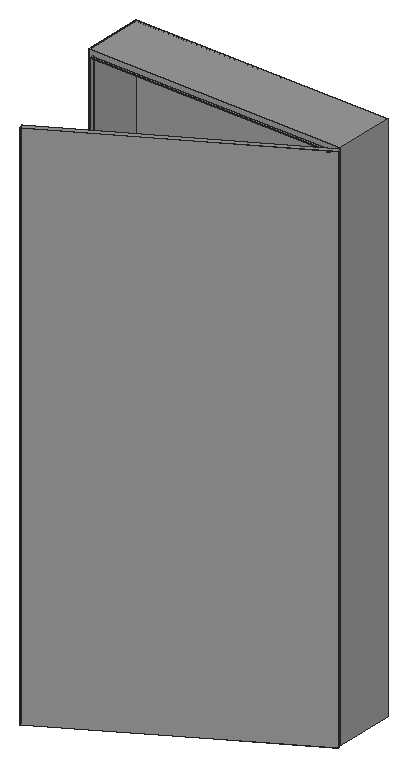
Revit family "Hager-Univers-IP54-D205-H1700-Cl.II-Encl-NoHosted-DE-de", category Equipement électrique, Revit 2020
Family settings
  Configuration du panneau = Deux colonnes, circuits au sein
  Cote de connecteur circulaire = Utiliser le diamètre
  Type d'élément = Tableau de raccordement
  Basée sur le plan de construction = Oui
  Toujours verticalement = Oui
  Couper avec des vides une fois chargée = Non
  Partagée = Non
  Point de calcul de pièce = Non
Parameters (values of type "Aufputz IP54 B800 H1700 T205  - FP13SW2")
  Width Control [instance] = if([EF000008 - Breite] > Min Width, [EF000008 - Breite], Min Width)  # 800 mm
  Commentaires du type = [HG000003 - Bereich]  # "Univers"
  Thickness Door [instance] = if([EF009171 - Materialstärke Tür/Deckel] > 3 mm, 3 mm, [EF009171 - Materialstärke Tür/Deckel])  # 1 mm
  Seal Frame Offset [instance] = 17 mm  # constant formula
  Plinth Visibility [instance] = [HG000027 - Sockelhöhe] > 0 mm  # no
  Min Width [instance] = 100 mm  # constant formula
  Min Depth [instance] = (2 * [EF009170 - Materialstärke Gehäuse]) + 1 mm  # 3 mm
  Min Height [instance] = 100 mm  # constant formula
  Internal Frame Depth [instance] = (Door System Depth * 0.5)  # 9 mm
  Panel Name [instance] = ""  # (empty or 0)
  Model = ""
  HG000027 - Sockelhöhe = 0 mm
  HG000026 - Stehend auf dem Boden = no
  HG000024 - Höhe des unteren Teils = 600 mm
  HG000023 - Gehäuse mit doppeltem Querschnitt = no
  HG000016 - 3D-Türsichtbarkeit [instance] = yes
  HG000015 - Sichtbarkeit der Türöffnung [instance] = no
  HG000014 - Tür rechts [instance] = yes
  HG000013 - Tür links [instance] = not([HG000014 - Tür rechts])  # no
  HG000012 - Türschwenkwinkel [instance] = 30.00°
  HG000010 - Asymmetrische Türen = no
  HG000009 - Doppelflügeligen Tür = no
  HG000006 - Unterputz = no
  HG000004 - Herstellerreferenz = "FP13SW2"
  HG000003 - Bereich = "Univers"
  HG000002 - Mit tür = yes
  Frame Offset Bottom [instance] = 10 mm  # constant formula
  Frame Offset [instance] = 15 mm  # constant formula
  EF015940 - Deckel mit Überdruckentlastung = no
  EF011959 - Schutzart (NEMA) = ""
  EF009554 - Anzahl der Öffnungen für Flanschplatten = 6
  EF009212 - Ausführung Deckel = "EV000116 - geschlossen"
  EF009171 - Materialstärke Tür/Deckel = 1 mm
  EF009170 - Materialstärke Gehäuse = 1 mm
  EF008873 - Nennstrom (In) = 400 A
  EF007800 - Geeignet für Blitzschutz = no
  EF006306 - Mit Schloss = no
  EF006244 - Transparenter Deckel/Tür = no
  EF005474 - Schutzart (IP) = "EV006419 - IP54"
  EF004464 - Art der Tür = "EV002646 - Einzel"
  EF004427 - Anzahl der Module = 396
  EF004293 - Schlagfestigkeit = "EV006815 - IK09"
  EF003532 - Geeignet für Außengebrauch = no
  EF002950 - Breite in Teilungseinheiten = 36
  EF001613 - Funktionserhalt = "EV000494 - ohne"
  EF001596 - Werkstoff des Gehäuses = "EV000179 - Stahl"
  EF001131 - Innentiefe = 143 mm
  EF001088 - Anbaumöglichkeit = yes
  EF000437 - Anzahl der Leitungseinführungen = 6
  EF000339 - Art der Abdeckung = "EV001012 - Deckel"
  EF000266 - Anzahl der Reihen = 11
  EF000218 - Einbautiefe = 205 mm
  EF000118 - Mit Montageplatte = no
  EF000116 - RAL-Nummer = "9010"
  EF000049 - Tiefe = 205 mm
  EF000040 - Höhe = 1700 mm
  EF000008 - Breite = 800 mm
  EF000007 - Farbe = "EV000202 - weiß"
  EF000003 - Montageart = "EV000384 - Aufputz"
  Door System Leaf Tolerance [instance] = 1.5 mm  # constant formula
  Door System Depth [instance] = 18 mm  # constant formula
  Door Height [instance] = Height Control - [HG000027 - Sockelhöhe]  # 1700 mm
  Description = ""
  Default Elevation = 1219.2 mm
  Connector Offset [instance] = Height Control / 2  # 850 mm
  Fabricant = "Hager"  # constant formula
  Height Control [instance] = if([EF000040 - Höhe] > Min Height, [EF000040 - Höhe], Min Height)  # 1700 mm
  Depth Control [instance] = if([EF000049 - Tiefe] > Min Depth, [EF000049 - Tiefe], Min Depth)  # 205 mm
  Bottom Top Plate Trim [instance] = 1.5 mm  # constant formula
  Plinth height Ctrl [instance] = if([HG000027 - Sockelhöhe] > 0 mm, [HG000027 - Sockelhöhe], 12 mm)  # 12 mm
Types (5, lengths in mm): name | Width Control | HG000010 - Asymmetrische Türen | HG000009 - Doppelflügeligen Tür | HG000004 - Herstellerreferenz | EF009554 - Anzahl der Öffnungen für Flanschplatten | EF008873 - Nennstrom (In) | EF004464 - Art der Tür | EF004427 - Anzahl der Module | EF002950 - Breite in Teilungseinheiten | EF000437 - Anzahl der Leitungseinführungen | EF000008 - Breite
  Aufputz IP54 B1050 H1700 T205  - FP14SW2 | 1050 | no | yes | "FP14SW2" | 8 | 400 A | "EV003602 - Doppel" | 528 | 48 | 8 | 1050
  Aufputz IP54 B1300 H1700 T205  - FP15SW2 | 1300 | yes | yes | "FP15SW2" | 10 | 400 A | "EV003602 - Doppel" | 660 | 60 | 10 | 1300
  Aufputz IP54 B300 H1700 T205  - FP11SW2 | 300 | no | no | "FP11SW2" | 2 | 250 A | "EV002646 - Einzel" | 132 | 12 | 2 | 300
  Aufputz IP54 B550 H1700 T205  - FP12SW2 | 550 | no | no | "FP12SW2" | 4 | 250 A | "EV002646 - Einzel" | 264 | 24 | 4 | 550
  Aufputz IP54 B800 H1700 T205  - FP13SW2 | 800 | no | no | "FP13SW2" | 6 | 400 A | "EV002646 - Einzel" | 396 | 36 | 6 | 800
Reference planes
  plane 1 "Center (Front/Back)": y = 0
  plane 2: z = 0
  plane 3 "Center (Left/Right)": x = 0
  plane 4: y = 0
  plane 5: y = 0
  plane 6: z = 0
  plane 7: x = -400
  plane 8: x = 400
  plane 9: x = 399
  plane 10: x = -399
  plane 11: z = 0
  plane 12: z = 1
  plane 13: y = -205
  plane 14: y = -1
  plane 15: x = 0
  plane 16: y = -187
  plane 17: y = -204
  plane 18: y = -186
  plane 19: x = -384
  plane 20: x = 384
  plane 21: z = 11
  plane 22: x = -383
  plane 23: x = 383
  plane 24: z = 0
  plane 25: z = 1700
  plane 26: z = 1700
  plane 27: z = 1684
  plane 28: z = 1699
Forms (mm)
  Extrusion 1, solid, material "Hager_Steel_RAL7035_Light_Grey", detail levels medium+fine
    sketch origin (-208.679, -4572, 0) x (-1, 0, 0) y (0, -1, 0)
      loop
        line (191.321, -4385) -> (-608.679, -4385) -> (-608.679, -4572) -> (191.321, -4572) -> (191.321, -4385)
    from 0 to 1700
  Extrusion 2, void
    sketch origin (-350.771, -205, 1219.2) x (1, 0, 0) y (0, 0, 1)
      loop
        line (-48.229, 479.8) -> (-48.229, -1218.2) -> (749.771, -1218.2) -> (749.771, 479.8) -> (-48.229, 479.8)
    from -19 to -204
  Extrusion 3, void
    sketch origin (-290.084, -187, 1219.2) x (1, 0, 0) y (0, 0, 1)
      loop
        line (-93.916, -1208.2) -> (674.084, -1208.2) -> (674.084, 464.8) -> (-93.916, 464.8) -> (-93.916, -1208.2)
    from 0 to -1
  Extrusion 4, solid, material "Hager_Steel_RAL7035_Light_Grey", visible <- "Plinth Visibility", detail levels medium+fine
    sketch origin (0, 0, 0) x (1, 0, 0) y (0, 1, 0)
      loop
        line (-400, 0) -> (-400, -187) -> (400, -187) -> (400, 0) -> (-400, 0)
    from 0 to 12 <- "Plinth height Ctrl"
  Extrusion 5, solid, material "Hager_Steel_RAL7035_Light_Grey", detail levels coarse
    sketch origin (0, 0, 0) x (1, 0, 0) y (0, 1, 0)
      loop
        line (-400, 0) -> (-400, -205) -> (400, -205) -> (400, 0) -> (-400, 0)
    from 0 to 1700 <- "Height Control"
  Sweep 6, void
    path in 3D
      loop
        line (-400, -187, 12) -> (400, -187, 12) -> (400, 0, 12) -> (-400, 0, 12) -> (-400, -187, 12)
    profile origin (-400, -93.5, 12) x (1, 0, 0) y (0, 0, 1)
      loop
        line (0, 0) -> (0, -1.5) -> (1.5, -1.5)
        arc (1.5, -1.5) -> (1.061, -0.439) -> (0, 0) r 1.5
  Extrusion 7, solid, material "Hager_Steel_RAL7035_Light_Grey", detail levels fine
    sketch origin (-400, -187, 0) x (1, 0, 0) y (0, 0, 1)
      loop
        line (16, 11) -> (784, 11) -> (784, 1684) -> (16, 1684) -> (16, 11)
      loop
        line (15, 10) -> (785, 10) -> (785, 1685) -> (15, 1685) -> (15, 10)
    from 0 to 9 <- "Internal Frame Depth"
Cuts and joins
  Extrusion 2, Extrusion 3 cuts Extrusion 1
  Sweep 6 cuts Extrusion 4
Lines and regions (mm)
  Masking region 1
    outline origin (0, 0, 0) x (1, 0, 0) y (0, 1, 0)
      loop
        line (-400, 0) -> (-400, -205) -> (400, -205) -> (400, 0) -> (-400, 0)
  Masking region 2, detail levels coarse
    outline origin (-290.084, -187, 1219.2) x (-1, 0, 0) y (0, 0, 1)
      loop
        line (-690.084, -1219.2) -> (109.916, -1219.2) -> (109.916, 480.8) -> (-690.084, 480.8) -> (-690.084, -1219.2)
  Masking region 3, detail levels coarse
    outline origin (0, 0, 0) x (0, 1, 0) y (0, 0, 1)
      loop
        line (0, 0) -> (0, 1700) -> (-205, 1700) -> (-205, 0) -> (0, 0)
  Masking region 4, visible <- "Plinth Visibility", detail levels medium+fine
    outline origin (0, 0, 0) x (0, 1, 0) y (0, 0, 1)
      loop
        line (-1.5, 12) -> (-185.5, 12)
        arc (-185.5, 12) -> (-185.939, 10.939) -> (-187, 10.5) r 1.5
        line (-187, 10.5) -> (-187, 0) -> (0, 0) -> (0, 10.5)
        arc (0, 10.5) -> (-1.061, 10.939) -> (-1.5, 12) r 1.5
  Masking region 5, detail levels medium+fine
    outline origin (0, 0, 594.038) x (0, 1, 0) y (0, 0, 1)
      loop
        line (0, -594.038) -> (0, 1105.962) -> (-187, 1105.962) -> (-187, -594.038) -> (0, -594.038)
  Masking region 6, detail levels medium+fine
    outline origin (-359.7, -187, 1211.883) x (-1, 0, 0) y (0, 0, 1)
      loop
        line (-759.7, -1211.883) -> (40.3, -1211.883) -> (40.3, 488.117) -> (-759.7, 488.117) -> (-759.7, -1211.883)
  Masking region 7, visible <- "Plinth Visibility", detail levels medium+fine
    outline origin (-320.334, -187, 1041.368) x (-1, 0, 0) y (0, 0, 1)
      loop
        line (-720.334, -1041.368) -> (79.666, -1041.368) -> (79.666, -1030.868)
        arc (79.666, -1030.868) -> (78.606, -1030.429) -> (78.166, -1029.368) r 1.5
        line (78.166, -1029.368) -> (-718.834, -1029.368)
        arc (-718.834, -1029.368) -> (-719.273, -1030.429) -> (-720.334, -1030.868) r 1.5
        line (-720.334, -1030.868) -> (-720.334, -1041.368)
  sketch lines
    curve 1: line (-400, 0, 12) -> (-400, -187, 12)
    curve 2: line (-400, -187, 12) -> (400, -187, 12)
    curve 3: line (400, 0, 12) -> (-400, 0, 12)
    curve 4: line (400, -187, 12) -> (400, 0, 12)
Dimensions and locks
  locked: plane 1 "Center (Front/Back)" to plane 5
  "EF009170 - Materialstärke Gehäuse": plane 7 to plane 10
  "EF009170 - Materialstärke Gehäuse": plane 8 to plane 9
  equal spacing: plane 7, plane 3 "Center (Left/Right)", plane 8
  "Width Control": plane 7 to plane 8
  "Depth Control": plane 4 to plane 13
  "EF009170 - Materialstärke Gehäuse": plane 4 to plane 14
  "Height Control": plane 25 to level
  "HG000027 - Sockelhöhe": plane 11 to level
  "EF009170 - Materialstärke Gehäuse": plane 12 to plane 11
  "EF009170 - Materialstärke Gehäuse": plane 17 to plane 13
  "EF009170 - Materialstärke Gehäuse": plane 18 to plane 16
  "Frame Offset Bottom": plane 21 to plane 12
  "Frame Offset": plane 10 to plane 19
  "Frame Offset": plane 9 to plane 20
  "Door System Depth": plane 16 to plane 13
  "Seal Frame Offset": plane 7 to plane 22
  "Seal Frame Offset": plane 8 to plane 23
  "EF009170 - Materialstärke Gehäuse": plane 26 to plane 28
  "Frame Offset": plane 28 to plane 27
  "Connector Offset": plane 2 to connector elem
  "Bottom Top Plate Trim": profile plane to Sweep 6 sketch curve
  "Bottom Top Plate Trim": Sweep 6 sketch curve to Sweep 6 sketch curve
  "Plinth height Ctrl": Masking region 4 sketch curve to level
  "Plinth height Ctrl": Masking region 7 sketch curve to level
  "Thickness Door": Extrusion 7 sketch curve to Extrusion 7 sketch curve  (x4)
  "Bottom Top Plate Trim": radius of Sweep 6 sketch curve
  "Bottom Top Plate Trim": radius of Masking region 4 sketch curve  (x2)
  "Bottom Top Plate Trim": radius of Masking region 7 sketch curve  (x2)
  aligned and locked: Extrusion 2 sketch curve to plane 12
  aligned and locked: Extrusion 2 sketch curve to plane 9
  aligned and locked: Extrusion 2 sketch curve to plane 10
  aligned and locked: Extrusion 2 to plane 14
  aligned and locked: Extrusion 1 sketch curve to plane 4
  aligned and locked: plane 8 to Extrusion 1 sketch curve
  aligned and locked: plane 7 to Extrusion 1 sketch curve
  aligned and locked: Extrusion 2 to plane 18
  aligned and locked: Extrusion 3 sketch curve to plane 19
  aligned and locked: plane 20 to Extrusion 3 sketch curve
  aligned and locked: Extrusion 3 to Extrusion 2
  aligned and locked: Extrusion 3 sketch curve to plane 21
  aligned and locked: plane 3 "Center (Left/Right)" to nested 1
  aligned and locked: Extrusion 1 sketch curve to plane 16
  aligned and locked: Extrusion 4 sketch curve to cut or joined group of Extrusion 1, Extrusion 2, Extrusion 3
  aligned and locked: Masking region 1 sketch curve to plane 7
  aligned and locked: Masking region 1 sketch curve to plane 5
  aligned and locked: Masking region 1 sketch curve to plane 8
  aligned and locked: Masking region 2 sketch curve to level
  aligned and locked: level to Masking region 3 sketch curve
  aligned and locked: plane 1 "Center (Front/Back)" to Masking region 3 sketch curve
  aligned and locked: plane 13 to Masking region 3 sketch curve
  aligned and locked: plane 5 to Masking region 4 sketch curve
  aligned and locked: Masking region 2 sketch curve to plane 8
  aligned and locked: Masking region 2 sketch curve to plane 7
  aligned and locked: plane 7 to nested 2
  aligned and locked: nested 2 to plane 5
  aligned and locked: plane 5 to Masking region 5 sketch curve
  aligned and locked: plane 26 to Masking region 5 sketch curve
  aligned and locked: Extrusion 5 sketch curve to plane 8
  aligned and locked: Extrusion 5 sketch curve to plane 7
  aligned and locked: Extrusion 5 sketch curve to plane 5
  aligned and locked: Extrusion 3 sketch curve to plane 27
  aligned and locked: Extrusion 2 sketch curve to plane 28
  aligned and locked: Masking region 2 to plane 25
  aligned and locked: Extrusion 4 to plane 16
  aligned and locked: profile plane to Sweep 6 sketch curve
  aligned and locked: Masking region 5 sketch curve to plane 24
  aligned and locked: level to Masking region 4 sketch curve
  aligned and locked: Masking region 1 to plane 13
  aligned and locked: nested 1 to plane 16
  aligned and locked: Masking region 3 to plane 25
  aligned and locked: plane 16 to Masking region 4 sketch curve
  aligned and locked: Masking region 5 sketch curve to plane 16
  aligned and locked: plane 24 to plane 11
  aligned and locked: plane 26 to plane 25
  aligned and locked: plane 26 to cut or joined group of Extrusion 1, Extrusion 2, Extrusion 3
  aligned and locked: nested 1 to plane 24
  aligned and locked: Extrusion 1 to Extrusion 3
  aligned and locked: Masking region 6 sketch curve to plane 8
  aligned and locked: Masking region 6 sketch curve to plane 24
  aligned and locked: Masking region 6 sketch curve to plane 7
  aligned and locked: Masking region 6 sketch curve to plane 26
  aligned and locked: Masking region 7 sketch curve to plane 7
  aligned and locked: level to Masking region 7 sketch curve
  aligned and locked: Masking region 7 sketch curve to plane 8
  aligned and locked: Extrusion 7 sketch curve to cut or joined group of Extrusion 1, Extrusion 2, Extrusion 3  (x4)
Automatic sketch dimensions
  plane 19 to Extrusion 3 sketch curve = 0 mm
  Extrusion 3 sketch curve to plane 20 = 0 mm
  Extrusion 3 sketch curve to plane 21 = 0 mm
  Extrusion 4 sketch curve to plane 7 = 0 mm
  Extrusion 4 sketch curve to plane 8 = 0 mm
  Extrusion 4 sketch curve to plane 16 = 0 mm
  Masking region 1 sketch curve to plane 13 = 0 mm
  Masking region 2 sketch curve to plane 25 = 0 mm
  Masking region 3 sketch curve to plane 25 = 0 mm
  Extrusion 5 sketch curve to plane 13 = 0 mm
  profile plane to Sweep 6 sketch curve = 0 mm
Nested families
  nested 1: "EC000058_Univers_Door" at (0, -187, 0), Double <- "HG000009 - Doppelflügeligen Tür", Transparent <- "EF006244 - Transparenter Deckel/Tür", Angle <- "HG000012 - Türschwenkwinkel", Door_Right <- "HG000014 - Tür rechts", Assymetrical <- "HG000010 - Asymmetrische Türen", Door <- "HG000002 - Mit tür", Width_Ctrl <- "Width Control", 3d_Door <- "HG000016 - 3D-Türsichtbarkeit", Clearance <- "HG000015 - Sichtbarkeit der Türöffnung", Door_Left <- "HG000013 - Tür links", Width <- "Width Control", Door_Depth <- "Door System Depth", Leaf_Tolerance <- "Door System Leaf Tolerance", Height <- "Door Height", Lock_Visibility <- "EF006306 - Mit Schloss", Thickness <- "Thickness Door", type "EC000058_Univers_Door", detail levels medium+fine
    with min_wh 3 mm, Width_Ctrl 800 mm, Width 800 mm, Transparent no, Thickness 1 mm, Seal_Material Hager_Rubber, Lock_Visibility no, Lock_Material Hager_Plastic_RAL9005_Jet_Black, Leaf_Width 800 mm, Leaf_Tolerance_External_Sides 0 mm, Leaf_Tolerance 1.5 mm, Leaf_Offset 0 mm, Leaf_Height 1697 mm, Leaf_2_Width 800 mm, Leaf_2_Offset 400 mm, Leaf_1_Width 800 mm, Leaf_1_Offset 400 mm, Height_Ctrl 1700 mm, Height 1700 mm, Glass_Material Hager_Glass, Double_Clearance_Ctrl no, Double no, Door_Right_Ctrl yes, Door_Right yes, Door_Material Hager_Steel_RAL7035_Light_Grey, Door_Left_Ctrl no, Door_Left no, Door_Depth 18 mm, Door yes, Clearance_Material Hager_Clearance, Clearance_Depth 800 mm, Clearance_Ctrl no, Clearance no, Assymetrical no, Angle 30.00°, 3d_Door yes
  nested 2: "Hager_Enclosure_Symbol" at (-400, 0, 0), Height <- "Depth Control", Width <- "Width Control", type "Hager_Enclosure_Symbol"
    with Width_Ctrl 800 mm, Width 800 mm, Height_Ctrl 205 mm, Height 205 mm, A_Width_Int 13.453 mm, A_Width 161.438 mm, A_Height_Ctrl 179.375 mm, A_Height 179.375 mm
Connectors
  electrical at (0, 0, 850)
    settings: on plane 1 "Center (Front/Back)", index 1, voltage 0 V, apparent load 0 VA, apparent load phase1 0 VA, apparent load phase2 0 VA, apparent load phase3 0 VA, power factor 1, load classification "Other", number of poles 1, system type 30, power factor state 1, is connector primary yes, connector utility no, sub classification motor no, connector description ""
Definition of nested family "EC000058_Univers_Door"
  Parameters (values of type "EC000058_Univers_Door")
    min_wh [instance] = (2 * Thickness) + 1 mm  # 11 mm
    Width_Ctrl [instance] = 400 mm
    Width [instance] = 500 mm
    Transparent [instance] = yes
    Thickness [instance] = 5 mm
    Seal_Material [instance] = none
    Lock_Visibility [instance] = yes
    Lock_Material [instance] = none
    Leaf_Width [instance] = if((Width_Ctrl - 2 * Leaf_Tolerance_External_Sides) > 0 mm, (Width_Ctrl - 2 * Leaf_Tolerance_External_Sides), min_wh)  # 400 mm
    Leaf_Tolerance_External_Sides [instance] = 0 mm  # constant formula
    Leaf_Tolerance [instance] = 1.5 mm
    Leaf_Offset [instance] = 0 mm  # constant formula
    Leaf_Height [instance] = if((Height_Ctrl - 2 * Leaf_Tolerance) > 0 mm, (Height_Ctrl - 2 * Leaf_Tolerance), min_wh)  # 497 mm
    Leaf_2_Width [instance] = if(and(and(Double, Assymetrical), Door_Left), (Leaf_Width / 3) - (Leaf_Tolerance / 2), if(and(and(Double, Assymetrical), Door_Right), (Leaf_Width / 3) * 2 - (Leaf_Tolerance / 2), if(and(Double, not(Assymetrical)), (Leaf_Width / 2) - Leaf_Tolerance, Leaf_Width)))  # 400 mm
    Leaf_2_Offset [instance] = if(and(Double, Assymetrical), Leaf_2_Width / 2, if(and(Double, not(Assymetrical)), Leaf_Width / 4, Leaf_Width / 2))  # 200 mm
    Leaf_1_Width [instance] = if(and(and(Double, Assymetrical), Door_Right), (Leaf_Width / 3) - (Leaf_Tolerance / 2), if(and(and(Double, Assymetrical), Door_Left), (Width / 3) * 2 - (Leaf_Tolerance / 2), if(and(Double, not(Assymetrical)), (Leaf_Width / 2) - Leaf_Tolerance, Leaf_Width)))  # 400 mm
    Leaf_1_Offset [instance] = if(and(Double, Assymetrical), Leaf_1_Width / 2, if(and(Double, not(Assymetrical)), Leaf_Width / 4, Leaf_Width / 2))  # 200 mm
    Height_Ctrl [instance] = if(Height > min_wh, Height, min_wh)  # 500 mm
    Height [instance] = 500 mm
    Glass_Material [instance] = none
    Double_Clearance_Ctrl [instance] = and(Double, Clearance)  # no
    Double [instance] = no
    Door_Right_Ctrl [instance] = and(or(Door_Right, Double), Door)  # yes
    Door_Right [instance] = yes
    Door_Material [instance] = none
    Door_Left_Ctrl [instance] = and(or(Door_Left, Double), Door)  # no
    Door_Left [instance] = no
    Door_Depth [instance] = 30 mm
    Door [instance] = yes
    Default Elevation = 1219.2 mm
    Clearance_Material [instance] = none
    Clearance_Depth [instance] = if(Leaf_1_Width > Leaf_2_Width, Leaf_1_Width, Leaf_2_Width)  # 400 mm
    Clearance_Ctrl [instance] = and(not(Double), Clearance)  # yes
    Clearance [instance] = yes
    Assymetrical [instance] = yes
    Angle [instance] = 30.00°
    3d_Door [instance] = yes
  Reference planes
    plane 1 "Center (Front/Back)": y = 0
    plane 2 "Bottom": z = 0
    plane 3 "Center (Left/Right)": x = 0
    plane 4: z = 500
    plane 5: x = -200
    plane 6: x = 200
    plane 7: z = 500
    plane 8: x = -200
    plane 9: z = 0
    plane 10: x = 200
    plane 11: y = 0
    plane 12: z = 1.5
    plane 13: x = -600
    plane 14: y = -400
    plane 15: x = 600
    plane 16: x = 0
    plane 17: x = 0
    plane 18: x = -200
    plane 19: x = 200
    plane 20: z = 498.5
  Forms (mm)
    Extrusion 1, solid, material <- "Clearance_Material", visible <- "Double_Clearance_Ctrl"
      sketch origin (1200, 0, 0) x (1, 0, 0) y (0, 0, -1)
        loop
          line (-1800, -498.5) -> (-600, -498.5) -> (-600, 0) -> (-1800, 0) -> (-1800, -498.5)
      from 0 to -400
  Dimensions and locks
    equal spacing: plane 5, plane 3 "Center (Left/Right)", plane 6
    "Width_Ctrl": plane 5 to plane 6
    "Leaf_Offset": plane 5 to plane 8
    "Leaf_Offset": plane 6 to plane 10
    "Leaf_Offset": plane 9 to level
    "Leaf_Offset": plane 4 to plane 7
    "Height_Ctrl": plane 4 to level
    "Leaf_Tolerance": plane 12 to plane 9
    locked: plane 11 to plane 1 "Center (Front/Back)"
    "Leaf_1_Offset": plane 18 to plane 16
    "Leaf_2_Offset": plane 17 to plane 19
    "Leaf_1_Width": plane 13 to plane 8
    "Leaf_2_Width": plane 10 to plane 15
    "Clearance_Depth": plane 14 to plane 1 "Center (Front/Back)"
    "Leaf_Tolerance_External_Sides": plane 8 to plane 18
    "Leaf_Tolerance_External_Sides": plane 19 to plane 10
    "Leaf_Tolerance": plane 7 to plane 20
    aligned and locked: level to plane 2 "Bottom"
    aligned and locked: nested 1 to plane 16
    aligned and locked: nested 2 to plane 17
    aligned and locked: Extrusion 1 to plane 13
    aligned and locked: plane 15 to Extrusion 1
    aligned and locked: Extrusion 1 to plane 14
    aligned and locked: plane 12 to nested 1
    aligned and locked: nested 2 to plane 12
    aligned and locked: Extrusion 1 to plane 11
    aligned and locked: plane 20 to Extrusion 1
    aligned and locked: nested 2 to plane 11
    aligned and locked: nested 1 to plane 11
  Automatic sketch dimensions
    Extrusion 1 sketch curve to level = 0 mm
    plane 5 to Extrusion 1 sketch curve = 400 mm
    plane 6 to Extrusion 1 sketch curve = 400 mm
    Extrusion 1 sketch curve to plane 4 = 1.5 mm
  Nested families
    nested 1: "EC000058_Univers_Door_Leaf" at (0, 0, 1.5), Width <- "Leaf_1_Width", visible <- "Door_Left_Ctrl", Leaf_Height <- "Leaf_Height", Angle <- "Angle", 3d_Door <- "3d_Door", Transparent <- "Transparent", Clearance Material <- "Clearance_Material", Clearance <- "Clearance_Ctrl", Door_Material <- "Door_Material", Glass_Material <- "Glass_Material", Door_Depth <- "Door_Depth", Lock_Material <- "Lock_Material", Seal_Material <- "Seal_Material", Lock_Visibility <- "Lock_Visibility", Thickness <- "Thickness", type "EC000058_Univers_Door_Leaf"
      with Width 400 mm, Transparent_Glass_Offset 30 mm, Transparent_Ctrl yes, Transparent yes, Thickness 5 mm, Standard no, Seal_Material none, Seal_D2 8 mm, Seal_D1 1 mm, Offset_Internal_Frame 10 mm, Lock_Width 20 mm, Lock_Visibility_3d yes, Lock_Visibility yes, Lock_Thickness_3 3 mm, Lock_Thickness_2 1 mm, Lock_Thickness_1 3 mm, Lock_Radius_Offset_2 16 mm, Lock_Radius_Offset_1 15 mm, Lock_Radius_2 5 mm, Lock_Radius 6 mm, Lock_Offset 5 mm, Lock_Material none, Lock_Height 80 mm, Lock_Cover_Top_Offset_2d 17 mm, Lock_Cover_Height -65 mm, Leaf_Height 497 mm, Internal_Seal_Thickness 8 mm, Internal_Seal_Depth_2 4.5 mm, Internal_Frame_Depth 25 mm, Glass_Thickness -1 mm, Glass_Offset -2 mm, Glass_Material none, Door_Material none, Door_Depth 30 mm, Clearance Material none, Clearance yes, Angle_Ctrl 30.00°, Angle 30.00°, 3d_Door yes
    nested 2: "EC000058_Univers_Door_Leaf" at (0, 0, 1.5) x (-1, 0, 0) z (0, 0, 1), Width <- "Leaf_2_Width", visible <- "Door_Right_Ctrl", Leaf_Height <- "Leaf_Height", Angle <- "Angle", 3d_Door <- "3d_Door", Transparent <- "Transparent", Clearance Material <- "Clearance_Material", Clearance <- "Clearance_Ctrl", Door_Material <- "Door_Material", Glass_Material <- "Glass_Material", Door_Depth <- "Door_Depth", Lock_Material <- "Lock_Material", Seal_Material <- "Seal_Material", Lock_Visibility <- "Lock_Visibility", Thickness <- "Thickness", type "EC000058_Univers_Door_Leaf"
      with Width 400 mm, Transparent_Glass_Offset 30 mm, Transparent_Ctrl yes, Transparent yes, Thickness 5 mm, Standard no, Seal_Material none, Seal_D2 8 mm, Seal_D1 1 mm, Offset_Internal_Frame 10 mm, Lock_Width 20 mm, Lock_Visibility_3d yes, Lock_Visibility yes, Lock_Thickness_3 3 mm, Lock_Thickness_2 1 mm, Lock_Thickness_1 3 mm, Lock_Radius_Offset_2 16 mm, Lock_Radius_Offset_1 15 mm, Lock_Radius_2 5 mm, Lock_Radius 6 mm, Lock_Offset 5 mm, Lock_Material none, Lock_Height 80 mm, Lock_Cover_Top_Offset_2d 17 mm, Lock_Cover_Height -65 mm, Leaf_Height 497 mm, Internal_Seal_Thickness 8 mm, Internal_Seal_Depth_2 4.5 mm, Internal_Frame_Depth 25 mm, Glass_Thickness -1 mm, Glass_Offset -2 mm, Glass_Material none, Door_Material none, Door_Depth 30 mm, Clearance Material none, Clearance yes, Angle_Ctrl 30.00°, Angle 30.00°, 3d_Door yes
  Definition of nested family "EC000058_Univers_Door_Leaf"
    Parameters (values of type "EC000058_Univers_Door_Leaf")
      Width [instance] = 2000 mm
      Transparent_Glass_Offset [instance] = 30 mm
      Transparent_Ctrl [instance] = and(Transparent, [3d_Door])  # yes
      Transparent [instance] = yes
      Thickness [instance] = 5 mm
      Standard [instance] = and(not(Transparent), [3d_Door])  # no
      Seal_Material [instance] = none
      Seal_D2 [instance] = 8 mm  # constant formula
      Seal_D1 [instance] = 1 mm  # constant formula
      Offset_Internal_Frame [instance] = 10 mm  # constant formula
      Lock_Width [instance] = 20 mm  # constant formula
      Lock_Visibility_3d [instance] = and(Lock_Visibility, [3d_Door])  # yes
      Lock_Visibility [instance] = yes
      Lock_Thickness_3 [instance] = 3 mm  # constant formula
      Lock_Thickness_2 [instance] = 1 mm  # constant formula
      Lock_Thickness_1 [instance] = 3 mm  # constant formula
      Lock_Radius_Offset_2 [instance] = Lock_Radius_Offset_1 + 1 mm  # 16 mm
      Lock_Radius_Offset_1 [instance] = 15 mm  # constant formula
      Lock_Radius_2 [instance] = Lock_Radius - 1 mm  # 5 mm
      Lock_Radius [instance] = 6 mm  # constant formula
      Lock_Offset [instance] = 5 mm  # constant formula
      Lock_Material [instance] = none
      Lock_Height [instance] = 80 mm  # constant formula
      Lock_Cover_Top_Offset_2d [instance] = Lock_Radius_Offset_2 + 1 mm  # 17 mm
      Lock_Cover_Height [instance] = -(Lock_Height - Lock_Radius_Offset_1)  # -65 mm
      Leaf_Height [instance] = 2720.336 mm
      Internal_Seal_Thickness [instance] = 8 mm  # constant formula
      Internal_Seal_Depth_2 [instance] = 4.5 mm  # constant formula
      Internal_Frame_Depth [instance] = if(Door_Depth - Thickness > 5 mm, Door_Depth - Thickness, 5 mm)  # 25 mm
      Glass_Thickness [instance] = if(Thickness > 15 mm, Glass_Offset + 10 mm, -1 mm)  # -1 mm
      Glass_Offset [instance] = if(Thickness > 15 mm, -(Thickness + 10 mm) / 2, -2 mm)  # -2 mm
      Glass_Material [instance] = none
      Door_Material [instance] = none
      Door_Depth [instance] = 30 mm
      Default Elevation = 0 mm
      Clearance Material [instance] = none
      Clearance [instance] = yes
      Angle_Ctrl [instance] = if(Angle > 180.00°, 180.00°, Angle)  # 90.00°
      Angle [instance] = 90.00°
      3d_Door [instance] = yes
    Reference planes
      plane 1 "Center (Front/Back)": y = 0
      plane 2: z = 0
      plane 3 "Center (Left/Right)": x = 0
      plane 4: y = 2000
      plane 5: x = -1000
      plane 6: x = 1000
      plane 7: x = -3000
      plane 8: z = 2720.336
      plane 9: z = 30
      plane 10: z = 2690.336
      plane 11: x = 970
      plane 12: x = -970
      plane 13: y = -3
      plane 14: z = 107.833
      plane 15: y = -5
      plane 16: y = -223.314
      plane 17: x = -1000
      plane 18: z = 1360.168
      plane 19: y = 30
    Forms (mm)
      Extrusion 1, solid, material <- "Clearance Material", visible <- "Clearance"
        sketch origin (0, 0, 0) x (1, 0, 0) y (0, 0, 1)
          loop
            line (-3000, 2720.336) -> (-3000, 0) -> (1000, 0) -> (1000, 2720.336) -> (-3000, 2720.336)
        from 0 to -2000
      Extrusion 2, solid, material <- "Door_Material", visible <- "Standard", detail levels medium+fine
        sketch origin (-1000, 0, 0) x (0, 1, 0) y (-1, 0, 0)
          loop
            line (0, 30) -> (0, 25) -> (2000, 25) -> (2000, 30) -> (0, 30)
        from 0 to 2720.336 <- "Leaf_Height"
      Extrusion 3, solid, material <- "Door_Material", visible <- "Transparent_Ctrl", detail levels medium+fine
        sketch origin (-1000, 0, 0) x (0, 1, 0) y (-1, 0, 0)
          loop
            line (0, 25) -> (2000, 25) -> (2000, 30) -> (0, 30) -> (0, 25)
        from 0 to 2720.336 <- "Leaf_Height"
      Extrusion 4, void
        sketch origin (-1025, 2000, 0) x (0, 1, 0) y (0, 0, -1)
          loop
            line (-30, -2690.336) -> (-30, -30) -> (-1970, -30) -> (-1970, -2690.336) -> (-30, -2690.336)
        from 0 to 5 <- "Thickness"
      Sweep 5, solid, material <- "Seal_Material", visible <- "Transparent_Ctrl", detail levels fine
        path in 3D
          loop
            line (-1025, 30, 30) -> (-1025, 30, 2690.336) -> (-1025, 1970, 2690.336) -> (-1025, 1970, 30) -> (-1025, 30, 30)
        profile origin (-1025, 1000, 30) x (1, 0, 0) y (0, 0, 1)
          loop
            line (0, 0) -> (0, -8) -> (1, -8) -> (1, 0) -> (0, 0)
      Extrusion 6, solid, material <- "Glass_Material", visible <- "Transparent_Ctrl", detail levels medium+fine
        sketch origin (-1030, 0, 0) x (0, 1, 0) y (0, 0, -1)
          loop
            line (1970, -2690.336) -> (1970, -30) -> (30, -30) -> (30, -2690.336) -> (1970, -2690.336)
        from -2 <- "Glass_Offset" to -1 <- "Glass_Thickness"
      Extrusion 7, solid, material <- "Door_Material", visible <- "3d_Door", detail levels medium+fine
        sketch origin (-1025, 2000, 0) x (0, -1, 0) y (0, 0, -1)
          loop
            line (0, -2720.336) -> (2000, -2720.336) -> (2000, 0) -> (0, 0) -> (0, -2720.336)
          loop
            line (1995, -5) -> (5, -5) -> (5, -2715.336) -> (1995, -2715.336) -> (1995, -5)
        from 0 to 25 <- "Internal_Frame_Depth"
      Sweep 8, solid, material <- "Seal_Material", visible <- "Transparent_Ctrl", detail levels fine
        path in 3D
          loop
            line (-1025, 0, 0) -> (-1025, 2000, 0) -> (-1025, 2000, 2720.336) -> (-1025, 0, 2720.336) -> (-1025, 0, 0)
        profile origin (-1025, 0, 1360.168) x (1, 0, 0) y (0, 1, 0)
          loop
            line (0, 10) -> (2.975, 10)
            arc (2.975, 10) -> (4.053, 10.447) -> (4.5, 11.525) r 1.525
            line (4.5, 11.525) -> (4.5, 16.527)
            arc (4.5, 16.527) -> (4.069, 17.569) -> (3.027, 18) r 1.473
            line (3.027, 18) -> (0, 18) -> (0, 10)
      Extrusion 9, solid, material <- "Lock_Material", visible <- "Lock_Visibility_3d", detail levels fine
        sketch origin (-1030, 0, 0) x (0, 1, 0) y (0, 0, -1)
          loop
            arc (1993.5, -1400.168) -> (1994.561, -1399.729) -> (1995, -1398.668) r 1.5
            line (1995, -1398.668) -> (1995, -1320.168) -> (1975, -1320.168) -> (1975, -1398.668)
            arc (1975, -1398.668) -> (1975.439, -1399.729) -> (1976.5, -1400.168) r 1.5
            line (1976.5, -1400.168) -> (1993.5, -1400.168)
        from 3 <- "Lock_Thickness_1" to 0
      Blend 10, solid, material <- "Lock_Material", visible <- "Lock_Visibility_3d", detail levels fine
        base sketch origin (-1033, 0, 0) x (0, 1, 0) y (0, 0, -1)
          loop
            line (1975, -1320.168) -> (1975, -1398.668)
            arc (1975, -1398.668) -> (1975.439, -1399.729) -> (1976.5, -1400.168) r 1.5
            line (1976.5, -1400.168) -> (1993.5, -1400.168)
            arc (1993.5, -1400.168) -> (1994.561, -1399.729) -> (1995, -1398.668) r 1.5
            line (1995, -1398.668) -> (1995, -1320.168) -> (1975, -1320.168)
        top sketch origin (-1033, 0, 0) x (0, 1, 0) y (0, 0, -1)
          loop
            line (1976, -1320.168) -> (1976, -1398.668)
            arc (1976, -1398.668) -> (1976.146, -1399.022) -> (1976.5, -1399.168) r 0.5
            line (1976.5, -1399.168) -> (1993.5, -1399.168)
            arc (1993.5, -1399.168) -> (1993.854, -1399.022) -> (1994, -1398.668) r 0.5
            line (1994, -1398.668) -> (1994, -1320.168) -> (1976, -1320.168)
        from 0 to 1 <- "Lock_Thickness_2"
      Blend 11, solid, material <- "Lock_Material", visible <- "Lock_Visibility_3d", detail levels fine
        base sketch origin (-1034, 0, 0) x (0, 1, 0) y (0, 0, -1)
          loop
            line (1978, -1320.168) -> (1978, -1384.168)
            arc (1978, -1384.168) -> (1985, -1391.168) -> (1992, -1384.168) r 7
            line (1992, -1384.168) -> (1992, -1320.168) -> (1978, -1320.168)
        top sketch origin (-1034, 0, 0) x (0, 1, 0) y (0, 0, -1)
          loop
            line (1991, -1320.168) -> (1979, -1320.168) -> (1979, -1383.168)
            arc (1979, -1383.168) -> (1985, -1389.168) -> (1991, -1383.168) r 6
            line (1991, -1383.168) -> (1991, -1320.168)
        from 0 to 3 <- "Lock_Thickness_3"
      Extrusion 12, solid, material <- "Lock_Material", visible <- "Lock_Visibility_3d", detail levels fine
        sketch origin (-1030, 1975, 1320.168) x (1, 0, 0) y (0, -1, 0)
          loop
            line (-7, -19) -> (-7, -1) -> (0, -1) -> (0, 0) -> (-8, 0) -> (-8, -20) -> (0, -20) -> (0, -19) -> (-7, -19)
        from 0 to -65 <- "Lock_Cover_Height"
      Extrusion 13, void
        sketch origin (-1038, 1995, 1320.168) x (-1, 0, 0) y (0, 0, -1)
          loop
            line (-5, -65) -> (0, -65) -> (-5, -60) -> (-5, -65)
        from 0 to 20 <- "Lock_Width"
      Extrusion 14, void
        sketch origin (-1038, 1975, 1320.168) x (0, -1, 0) y (0, 0, -1)
          loop
            circle (-10, -15.995) r 6
          loop
            circle (-10, -15.995) r 5
        from 0 to 2
      Extrusion 15, solid, material <- "Lock_Material", visible <- "Lock_Visibility_3d", detail levels medium
        sketch origin (-1030, 0, 0) x (0, 1, 0) y (0, 0, -1)
          loop
            arc (1993.5, -1400.168) -> (1994.561, -1399.729) -> (1995, -1398.668) r 1.5
            line (1995, -1398.668) -> (1995, -1320.168) -> (1975, -1320.168) -> (1975, -1398.668)
            arc (1975, -1398.668) -> (1975.439, -1399.729) -> (1976.5, -1400.168) r 1.5
            line (1976.5, -1400.168) -> (1993.5, -1400.168)
        from 8 to 0
    Cuts and joins
      Extrusion 4 cuts Extrusion 3
      Extrusion 13, Extrusion 14 cuts Extrusion 9
      Extrusion 14 cuts Blend 11
      Extrusion 13, Extrusion 14 cuts Extrusion 12
      joined: Extrusion 9, Blend 10, Blend 11, Extrusion 12
      Extrusion 14 cuts Extrusion 15
    Lines and regions (mm)
      Masking region 1, visible <- "Lock_Visibility", detail levels fine
        outline origin (0, 0, 0) x (0, 1, 0) y (0, 0, 1)
          loop
            line (30, 1320.168) -> (33, 1320.168) -> (33, 1400.168) -> (30, 1400.168) -> (30, 1320.168)
      Masking region 2, visible <- "Lock_Visibility", detail levels fine
        outline origin (0, 3.143, 0) x (0, 1, 0) y (0, 0, 1)
          loop
            line (29.857, 1354.168) -> (30.857, 1354.168) -> (30.857, 1366.168) -> (29.857, 1366.168) -> (29.857, 1354.168)
      Masking region 3, detail levels medium+fine
        outline origin (0, 0, 0) x (0, 1, 0) y (0, 0, 1)
          loop
            line (0, 0) -> (30, 0) -> (30, 2720.336) -> (0, 2720.336) -> (0, 0)
      Masking region 4, detail levels medium+fine
        outline origin (0, 0, 0) x (1, 0, 0) y (0, 0, 1)
          loop
            line (-1000, 2720.336) -> (-1000, 0) -> (1000, 0) -> (1000, 2720.336) -> (-1000, 2720.336)
      Masking region 5, visible <- "Lock_Visibility", detail levels fine
        outline origin (-47.116, 0, 0) x (1, 0, 0) y (0, 0, 1)
          loop
            arc (1024.616, 1399.168) -> (1023.556, 1398.729) -> (1023.116, 1397.668) r 1.5
            line (1023.116, 1397.668) -> (1023.116, 1320.168) -> (1041.116, 1320.168) -> (1041.116, 1397.668)
            arc (1041.116, 1397.668) -> (1040.677, 1398.729) -> (1039.616, 1399.168) r 1.5
            line (1039.616, 1399.168) -> (1024.616, 1399.168)
      Masking region 6, visible <- "Lock_Visibility", detail levels medium+fine
        outline origin (-25, 0, 0) x (1, 0, 0) y (0, 0, 1)
          loop
            arc (1001.5, 1400.168) -> (1000.439, 1399.729) -> (1000, 1398.668) r 1.5
            line (1000, 1398.668) -> (1000, 1320.168) -> (1020, 1320.168) -> (1020, 1398.668)
            arc (1020, 1398.668) -> (1019.561, 1399.729) -> (1018.5, 1400.168) r 1.5
            line (1018.5, 1400.168) -> (1001.5, 1400.168)
      Masking region 7, visible <- "Lock_Visibility", detail levels fine
        outline origin (-73.735, 0, 0) x (1, 0, 0) y (0, 0, 1)
          loop
            line (1051.735, 1382.168) -> (1065.735, 1382.168) -> (1065.735, 1384.168)
            arc (1065.735, 1384.168) -> (1058.735, 1391.168) -> (1051.735, 1384.168) r 7
            line (1051.735, 1384.168) -> (1051.735, 1382.168)
      Masking region 8, visible <- "Lock_Visibility", detail levels fine
        outline origin (-73.735, 0, 0) x (1, 0, 0) y (0, 0, 1)
          loop
            line (1052.735, 1382.168) -> (1064.735, 1382.168) -> (1064.735, 1383.168)
            arc (1064.735, 1383.168) -> (1058.735, 1389.168) -> (1052.735, 1383.168) r 6
            line (1052.735, 1383.168) -> (1052.735, 1382.168)
      Masking region 9, visible <- "Lock_Visibility", detail levels fine
        outline origin (-25, 0, 0) x (1, 0, 0) y (0, 0, 1)
          loop
            line (1020, 1320.168) -> (1020, 1382.168) -> (1000, 1382.168) -> (1000, 1320.168) -> (1020, 1320.168)
      Masking region 10, detail levels medium+fine
        outline origin (0, 0, 0) x (1, 0, 0) y (0, 0, 1)
          loop
            circle (985, 1335.144) r 6
      Masking region 11, detail levels fine
        outline origin (0, 0, 0) x (1, 0, 0) y (0, 0, 1)
          loop
            circle (985, 1335.144) r 5
      Masking region 12, visible <- "Lock_Visibility", detail levels fine
        outline origin (0, 12.767, 0) x (0, 1, 0) y (0, 0, 1)
          loop
            line (20.233, 1320.168) -> (21.233, 1320.168) -> (21.233, 1399.168) -> (20.233, 1400.168) -> (20.233, 1320.168)
      Masking region 13, visible <- "Lock_Visibility", detail levels fine
        outline origin (0, 13.767, -10) x (0, 1, 0) y (0, 0, 1)
          loop
            line (20.233, 1330.168) -> (23.233, 1330.168) -> (23.233, 1399.168) -> (20.233, 1402.168) -> (20.233, 1330.168)
      Masking region 14, visible <- "Lock_Visibility", detail levels fine
        outline origin (0, 12.767, -10) x (0, 1, 0) y (0, 0, 1)
          loop
            line (20.233, 1330.168) -> (25.233, 1330.168) -> (25.233, 1399.305) -> (20.233, 1394.305) -> (20.233, 1330.168)
      Masking region 15, visible <- "Lock_Visibility", detail levels medium
        outline origin (0, 0, 0) x (0, 1, 0) y (0, 0, 1)
          loop
            line (30, 1320.168) -> (38, 1320.168) -> (38, 1400.168) -> (30, 1400.168) -> (30, 1320.168)
      Masking region 16, visible <- "Lock_Visibility", detail levels fine
        outline origin (-1000, 0, 0) x (0, 1, 0) y (-1, 0, 0)
          loop
            line (1975, 30) -> (1995, 30) -> (1995, 38) -> (1975, 38) -> (1975, 30)
          loop
            line (1979, 37) -> (1976, 37) -> (1976, 34) -> (1978, 34) -> (1979, 37)
          loop
            line (1994, 37) -> (1991, 37) -> (1992, 34) -> (1994, 34) -> (1994, 37)
      Masking region 17, visible <- "Lock_Visibility", detail levels medium
        outline origin (-1000, 0, 0) x (0, 1, 0) y (-1, 0, 0)
          loop
            line (1975, 30) -> (1995, 30) -> (1995, 38) -> (1975, 38) -> (1975, 30)
      symbolic lines
        curve 1: line (1000, 0, 0) -> (-3000, 0, 0)
        curve 2: arc (1000, 0, 0) -> (-1000, 2000, 0) -> (-3000, 0, 0) r 2000
        curve 4: line (-1030, 0, 0) -> (-1030, 2000, 0)
      reference lines
        curve 3: line (-1000, 0, 0) -> (-1000, 2000, 0)
      symbolic lines, detail levels medium+fine
        curve 5: line (-1030, 2000, 0) -> (-1025, 2000, 0)
        curve 7: line (-1025, 0, 0) -> (-1030, 0, 0)
        curve 8: line (-1025, 0, 0) -> (-1000, 0, 0)
        curve 9: line (-1000, 0, 0) -> (-1000, 2000, 0)
        curve 10: line (-1000, 2000, 0) -> (-1025, 2000, 0)
      symbolic lines, detail levels fine
        curve 6: line (-1025, 2000, 0) -> (-1025, 0, 0)
      sketch lines
        curve 11: line (-1025, 0, 2720.336) -> (-1025, 0, 0)
        curve 12: line (-1025, 2000, 0) -> (-1025, 0, 0)
        curve 13: line (-1025, 2000, 2720.336) -> (-1025, 2000, 0)
        curve 14: line (-1025, 0, 2720.336) -> (-1025, 2000, 2720.336)
        curve 15: line (-1025, 1970, 30) -> (-1025, 30, 30)
        curve 16: line (-1025, 30, 30) -> (-1025, 30, 2690.336)
        curve 17: line (-1025, 1970, 2690.336) -> (-1025, 1970, 30)
        curve 18: line (-1025, 30, 2690.336) -> (-1025, 1970, 2690.336)
      symbolic lines, visible <- "Transparent", detail levels medium+fine
        curve 19: line (-970, 0, 2690.336) -> (970, 0, 2690.336)
        curve 20: line (-970, 0, 30) -> (-970, 0, 2690.336)
        curve 21: line (970, 0, 30) -> (-970, 0, 30)
        curve 22: line (970, 0, 2690.336) -> (970, 0, 30)
    Dimensions and locks
      "Width": plane 1 "Center (Front/Back)" to plane 4
      equal spacing: plane 5, plane 3 "Center (Left/Right)", plane 6
      "Width": plane 5 to plane 6
      "Width": plane 7 to plane 5
      "Leaf_Height": plane 8 to level
      "Width": curve 5 to curve 3
      "Width": curve 3 to curve 3
      plane 8 to plane 10 = 30 mm
      plane 9 to level = 30 mm
      plane 12 to plane 5 = 30 mm
      plane 6 to plane 11 = 30 mm
      Extrusion 1 to Extrusion 4 sketch curve = 30 mm
      "Transparent_Glass_Offset": curve 3 to Extrusion 4 sketch curve
      "Transparent_Glass_Offset": Extrusion 4 sketch curve to cut or joined group of Extrusion 3, Extrusion 4  (x2)
      cut or joined group of Extrusion 3, Extrusion 4 to Extrusion 6 sketch curve = 30 mm
      "Transparent_Glass_Offset": cut or joined group of Extrusion 3, Extrusion 4 to Extrusion 4 sketch curve
      "Thickness": curve 6 to curve 4
      "Thickness": Extrusion 7 sketch curve to Extrusion 7 sketch curve  (x4)
      "Door_Depth": curve 4 to curve 3
      "Offset_Internal_Frame": profile plane to Sweep 8 sketch curve
      "Internal_Seal_Thickness": Sweep 8 sketch curve to Sweep 8 sketch curve
      "Internal_Seal_Depth_2": profile plane to Sweep 8 sketch curve
      "Seal_D1": profile plane to Sweep 5 sketch curve
      "Seal_D2": profile plane to Sweep 5 sketch curve
      "Thickness": Extrusion 2 sketch curve to Extrusion 2 sketch curve
      equal spacing: Extrusion 9 sketch curve, plane 18, Extrusion 9 sketch curve  (x2)
      equal spacing: Masking region 1 sketch curve, plane 18, Masking region 1 sketch curve
      "Lock_Height": Masking region 1 sketch curve to Masking region 1 sketch curve
      "Lock_Radius": Masking region 2 sketch curve to plane 18 to Masking region 2 sketch curve
      Masking region 2 sketch curve to Masking region 1 = 1 mm
      "Door_Depth": plane 19 to plane 1 "Center (Front/Back)"
      "Lock_Thickness_1": Masking region 1 sketch curve to plane 19
      "Lock_Width": Extrusion 9 sketch curve to Extrusion 9 sketch curve
      "Lock_Height": Extrusion 9 sketch curve to Extrusion 9 sketch curve
      "Lock_Offset": cut or joined group of Extrusion 3, Extrusion 4 to Extrusion 9 sketch curve
      equal spacing: plane 8, plane 18, level
      "Lock_Radius_Offset_1": Blend 11 sketch curve to Blend 10
      locked: Blend 10 to Blend 11 sketch curve at 2  (x2)
      locked: var sketch to Blend 11 sketch curve at 1  (x2)
      "Lock_Radius_Offset_2": Blend 11 sketch curve to Blend 10
      locked: Extrusion 12 sketch curve to Extrusion 12 sketch curve at 1  (x3)
      Masking region 6 sketch curve to Masking region 6 sketch curve = 80 mm
      "Lock_Height": Masking region 6 sketch curve to Masking region 6 sketch curve
      "Lock_Width": Masking region 6 sketch curve to Masking region 6 sketch curve
      locked: Masking region 6 to Masking region 5 sketch curve at 1  (x3)
      locked: Masking region 5 to Masking region 7 sketch curve at 2  (x2)
      "Lock_Radius_Offset_1": Masking region 5 to Masking region 7 sketch curve
      "Lock_Radius_Offset_2": Masking region 5 to Masking region 8 sketch curve
      locked: Masking region 7 to Masking region 8 sketch curve at 1  (x2)
      "Lock_Cover_Top_Offset_2d": Masking region 5 to Masking region 9 sketch curve
      equal spacing: Masking region 9, Masking region 10 sketch curve, Masking region 9
      equal spacing: Masking region 9, Masking region 11 sketch curve, Masking region 9
      Extrusion 15 sketch curve to Extrusion 15 sketch curve = 80 mm
      "Lock_Width": Extrusion 15 sketch curve to Extrusion 15 sketch curve
      "Lock_Height": Extrusion 15 sketch curve to Extrusion 15 sketch curve
      equal spacing: Extrusion 15 sketch curve, plane 18, Extrusion 15 sketch curve
      "Lock_Thickness_3": Masking region 13 sketch curve to Masking region 13 sketch curve
      "Lock_Height": Masking region 12 sketch curve to Masking region 12 sketch curve
      locked: Masking region 13 sketch curve to Masking region 1 at 8
      locked: Masking region 14 sketch curve to Masking region 13 at 1
      locked: Masking region 14 sketch curve to Masking region 1 at 10.863
      "Lock_Height": Masking region 15 sketch curve to Masking region 15 sketch curve
      "Lock_Offset": Extrusion 15 sketch curve to cut or joined group of Extrusion 3, Extrusion 4
      "Lock_Offset": plane 6 to Masking region 6 sketch curve
      radius of Sweep 8 sketch curve = 1.525 mm
      radius of Sweep 8 sketch curve = 1.473 mm
      radius of Extrusion 9 sketch curve = 1.5 mm  (x2)
      "Lock_Radius": radius of Extrusion 14 sketch curve
      "Lock_Radius_2": radius of Extrusion 14 sketch curve
      "Lock_Radius": radius of Masking region 10 sketch curve
      "Lock_Radius_2": radius of Masking region 11 sketch curve
      radius of Extrusion 15 sketch curve = 1.5 mm  (x2)
      "Angle_Ctrl": angle plane 1 "Center (Front/Back)" to curve 3
      locked: Masking region 12 sketch curve to Masking region 12 sketch curve (angle 45.00°)
      locked: Masking region 13 sketch curve to Masking region 13 sketch curve (angle 45.00°)
      locked: Masking region 14 sketch curve to Masking region 14 sketch curve (angle 45.00°)
      aligned and locked: level to plane 2
      aligned and locked: Extrusion 1 to curve 1
      aligned and locked: plane 6 to Extrusion 1
      aligned and locked: Extrusion 1 to plane 1 "Center (Front/Back)"
      aligned and locked: plane 4 to Extrusion 1
      aligned and locked: plane 8 to Extrusion 1
      aligned and locked: curve 7 to Extrusion 2 sketch curve
      aligned and locked: curve 5 to Extrusion 2 sketch curve
      aligned and locked: curve 7 to Extrusion 3 sketch curve
      aligned and locked: Extrusion 3 sketch curve to curve 4
      aligned and locked: Extrusion 3 sketch curve to curve 6
      aligned and locked: Extrusion 3 sketch curve to curve 5
      aligned and locked: curve 9 to curve 3
      aligned and locked: Extrusion 7 sketch curve to cut or joined group of Extrusion 3, Extrusion 4  (x4)
      aligned and locked: plane 17 to curve 3
      aligned and locked: plane 1 "Center (Front/Back)" to curve 3
      aligned and locked: plane 17 to plane 5
      aligned and locked: Sweep 8 sketch curve to profile plane
      aligned and locked: Sweep 5 sketch curve to profile plane  (x2)
      aligned and locked: Masking region 1 to Masking region 2 sketch curve
      aligned and locked: plane 19 to Masking region 1 sketch curve
      aligned and locked: plane 1 "Center (Front/Back)" to Masking region 3 sketch curve
      aligned and locked: plane 19 to Masking region 3 sketch curve
      aligned and locked: level to Masking region 3 sketch curve
      aligned and locked: Masking region 3 sketch curve to plane 8
      aligned and locked: plane 17 to Masking region 4 sketch curve
      aligned and locked: level to Masking region 4 sketch curve
      aligned and locked: Masking region 4 sketch curve to plane 8
      aligned and locked: plane 12 to curve 20
      aligned and locked: plane 10 to curve 19
      aligned and locked: plane 11 to curve 22
      aligned and locked: curve 21 to plane 9
      aligned and locked: Extrusion 2 sketch curve to cut or joined group of Extrusion 3, Extrusion 4
      aligned and locked: Blend 10 sketch curve to Extrusion 9  (x4)
      aligned and locked: Extrusion 9 to Blend 10 sketch curve
      aligned and locked: Blend 10 to Blend 11 sketch curve
      aligned and locked: Extrusion 12 sketch curve to Blend 11
      aligned and locked: Extrusion 12 sketch curve to Extrusion 9  (x4)
      aligned and locked: Masking region 5 sketch curve to Masking region 6
      aligned and locked: Masking region 9 sketch curve to Masking region 6  (x3)
      aligned and locked: Masking region 12 sketch curve to Masking region 1
      aligned and locked: Masking region 13 sketch curve to Masking region 1
      aligned and locked: Masking region 12 to Masking region 14
      aligned and locked: Masking region 14 sketch curve to Masking region 1
      aligned and locked: Masking region 15 sketch curve to Masking region 14
      aligned and locked: Masking region 13 sketch curve to Masking region 12
      aligned and locked: Masking region 16 sketch curve to cut or joined group of Extrusion 14, Extrusion 15  (x4)
      aligned and locked: Masking region 16 sketch curve to cut or joined group of Extrusion 9, Blend 10, Blend 11, Extrusion 12, Extrusion 13, Extrusion 14  (x6)
      aligned and locked: cut or joined group of Extrusion 9, Blend 10, Blend 11, Extrusion 12, Extrusion 13, Extrusion 14 to Masking region 16 sketch curve
      aligned and locked: Masking region 17 sketch curve to cut or joined group of Extrusion 14, Extrusion 15  (x3)
      aligned and locked: Masking region 17 sketch curve to cut or joined group of Extrusion 9, Blend 10, Blend 11, Extrusion 12, Extrusion 13, Extrusion 14
      aligned and locked: Masking region 9 to Masking region 8 sketch curve
      aligned and locked: Masking region 9 to Masking region 7 sketch curve
    Automatic sketch dimensions
      plane 1 "Center (Front/Back)" to curve 2 = 0 mm
      curve 2 to plane 5 = 0 mm
      Extrusion 1 sketch curve to level = 0 mm
      Extrusion 1 sketch curve to plane 7 = 0 mm
      Extrusion 1 sketch curve to plane 6 = 0 mm
      Extrusion 1 sketch curve to plane 8 = 0 mm
      Extrusion 3 to Extrusion 6 sketch curve = 30 mm  (x4)
      Masking region 4 sketch curve to plane 6 = 0 mm
      Blend 10 sketch curve to Extrusion 9 = 1.5 mm
      Blend 10 sketch curve to Extrusion 9 = 1 mm
      Extrusion 13 sketch curve to Extrusion 12 = 0 mm  (x2)
      Extrusion 12 to Extrusion 13 sketch curve = 3 mm
      Extrusion 13 sketch curve to Extrusion 12 = 5 mm
      Extrusion 14 sketch curve to Extrusion 14 sketch curve = 0 mm  (x2)
      Extrusion 14 sketch curve to Extrusion 12 = 10 mm
      Extrusion 14 sketch curve to Extrusion 12 = 15.995 mm
      Masking region 5 sketch curve to Masking region 5 sketch curve = 1.5 mm  (x2)
      Masking region 10 sketch curve to plane 18 = 25.024 mm
      Masking region 11 sketch curve to plane 18 = 25.024 mm
      plane 19 to Masking region 14 sketch curve = 3 mm
      Masking region 16 sketch curve to Masking region 16 sketch curve = 3 mm
      curve 4 to curve 3 = 0 mm
      Blend 10 to Blend 11 sketch curve = 0 mm
      Masking region 6 sketch curve to Masking region 6 sketch curve = 1.5 mm  (x2)
      Masking region 6 sketch curve to plane 18 = 40 mm
      plane 19 to Masking region 12 sketch curve = 3 mm
      Masking region 12 sketch curve to Masking region 12 sketch curve = 1 mm
      Masking region 15 sketch curve to plane 19 = 0 mm
      Masking region 15 sketch curve to plane 18 = 40 mm
      radius of Blend 10 sketch curve to Extrusion 9 = 1 mm
Definition of nested family "Hager_Enclosure_Symbol"
  Parameters (values of type "Hager_Enclosure_Symbol")
    Width_Ctrl [instance] = if(Width > 1 mm, Width, 1 mm)  # 102.27 mm
    Width [instance] = 102.27 mm
    Height_Ctrl [instance] = if(Height > 1 mm, Height, 1 mm)  # 66.5 mm
    A_Width_Int [instance] = if(A_Width / 12 > 2 mm, A_Width / 12, 2 mm)  # 4.364 mm
    A_Width [instance] = if(A_Height_Ctrl * 0.9 > 2 mm, A_Height_Ctrl * 0.9, 2 mm)  # 52.369 mm
    A_Height_Ctrl [instance] = if(A_Height > 2 mm, A_Height, 2 mm)  # 58.188 mm
    Height [instance] = 66.5 mm
    A_Height [instance] = Height - (Height / 8)  # 58.188 mm
  Reference planes
    plane 1 "Centre (avant/arrière)": y = 0
    plane 2: z = 0
    plane 3 "Centre (gauche/droite)": x = 0
    plane 4: x = 52.369
    plane 5: y = 33.042
    plane 6: y = 41.77
    plane 7: y = 66.5
    plane 8: x = 26.184
    plane 9: y = 37.406
    plane 10: x = 102.27
    plane 11: y = 66.5
    plane 12: y = 8.313
  Lines and regions (mm)
    Filled region 1, type "Solid_Black", in view "Niveau de réf."
      outline origin (0, 0, 0) x (1, 0, 0) y (0, 1, 0)
        loop
          line (52.369, 66.5) -> (33.188, 54.536) -> (45.365, 45.006) -> (52.369, 66.5)
    Filled region 2, type "Solid_Black", in view "Niveau de réf."
      outline origin (0, 0, 0) x (1, 0, 0) y (0, 1, 0)
        loop
          line (0, 0) -> (102.27, 0) -> (102.27, 66.5) -> (0, 0)
    detail lines, in view "Niveau de réf."
      curve 1: line (0, 8.313, 0) -> (26.184, 41.77, 0)
      curve 2: line (26.184, 41.77, 0) -> (26.184, 33.042, 0)
      curve 3: line (26.184, 33.042, 0) -> (52.369, 66.5, 0)
  Dimensions and locks
    "A_Width": plane 3 "Centre (gauche/droite)" to plane 4
    equal spacing: plane 3 "Centre (gauche/droite)", plane 8, plane 4
    equal spacing: plane 6, plane 9, plane 5
    equal spacing: curve 3, Filled region 1 sketch curve, Filled region 1 sketch curve
    "Height_Ctrl": plane 1 "Centre (avant/arrière)" to plane 11
    "A_Height_Ctrl": plane 11 to plane 12
    equal spacing: plane 11, plane 9, plane 12
    "A_Width_Int": plane 6 to plane 9
    "Width_Ctrl": plane 3 "Centre (gauche/droite)" to plane 10
    angle Filled region 1 sketch curve to curve 3 = 20.00°
    angle curve 3 to Filled region 1 sketch curve = 20.00°
    locked: curve 3 to Filled region 1 sketch curve (angle 90.00°)
    aligned and locked: plane 10 to Filled region 2
    aligned and locked: plane 11 to Filled region 2 sketch curve
    aligned and locked: plane 10 to Filled region 2 sketch curve
    aligned and locked: plane 3 "Centre (gauche/droite)" to curve 1
    aligned and locked: plane 12 to curve 1
    aligned and locked: plane 7 to plane 11
  Automatic sketch dimensions
    Filled region 1 sketch curve to plane 4 = 0 mm
    Filled region 1 sketch curve to plane 7 = 0 mm
    plane 1 "Centre (avant/arrière)" to Filled region 2 sketch curve = 0 mm
    Filled region 2 sketch curve to plane 3 "Centre (gauche/droite)" = 0 mm
    curve 2 to plane 6 = 0 mm
    curve 2 to plane 8 = 0 mm
    curve 3 to plane 4 = 0 mm
    curve 2 to plane 5 = 0 mm
    curve 3 to plane 7 = 0 mm
